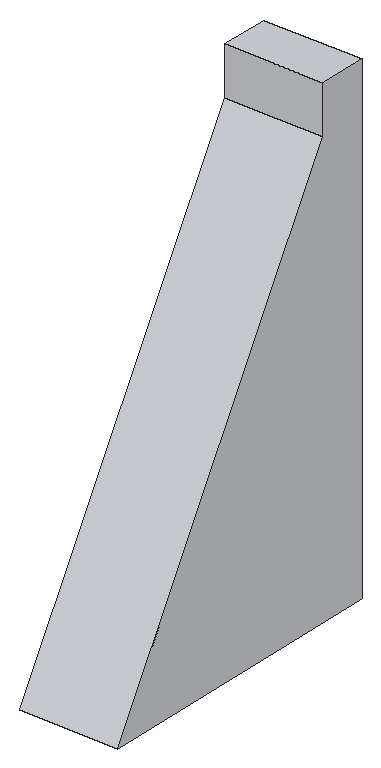
Revit family "Dam_Section", category 常规模型, Revit 2026
Family settings
  可将钢筋附着到主体 = 否
  圆形连接件尺寸标注 = 使用直径
  零件类型 = 标准
  基于工作平面 = 否
  总是垂直 = 是
  载入时剪切的空心 = 否
  保持注释方向 = 否
  共享 = 否
  房间计算点 = 否
Parameters
  默认高程 = 0 mm
  混凝土材质 = C30
Reference planes
  plane 1 "中心(前/后)": y = 0
  plane 2: z = 0
  plane 3 "中心(左/右)": x = 0
Forms (mm)
  Extrusion 1, solid
    sketch origin (0, 0, 0) x (0, 1, 0) y (0, 0, 1)
      loop
        line (0, 0) -> (0, 100) -> (-10, 100) -> (-10, 90) -> (-63, 0) -> (0, 0)
    from 0 to 20.201
Dimensions and locks
  Extrusion 1 sketch curve to Extrusion 1 sketch curve = 63 mm
  Extrusion 1 to Extrusion 1 = 20.201 mm  (x2)
  aligned and locked: level to plane 2
